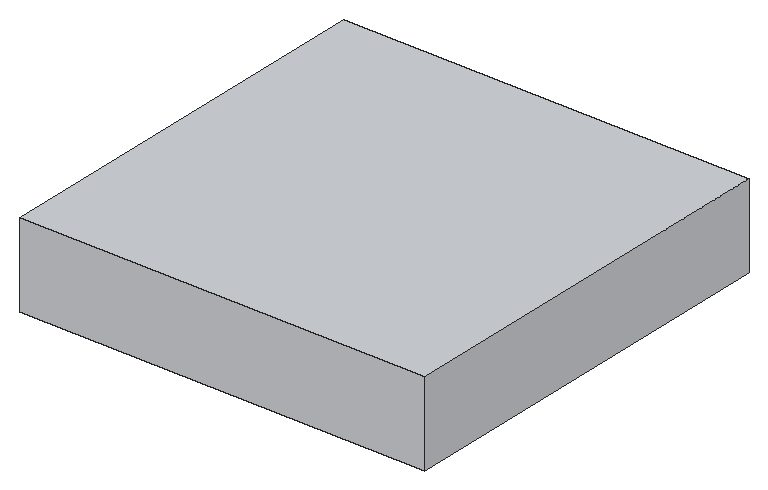
Revit family "Square", category Generic Models, Revit 2018
Family settings
  Can host rebar = No
  Round Connector Dimension = Use Diameter
  Part Type = Normal
  Work Plane-Based = No
  Always vertical = Yes
  Cut with Voids When Loaded = No
  Shared = Yes
  Room Calculation Point = No
Parameters (values of type "Square")
  drofus_occurrence_id [instance] = ""
  drofus_article_id = ""
  Width = 1200 mm
  Project_Code_BLP = ""
  Package_BLP = ""
  Height_AFFL = 0 mm
  Height = 0 mm
  Exclude_From_Schedules = yes
  Equipment_Group_BLP = ""
  Depth = 1200 mm
  AusHFG Item Code = ""
Types (2, lengths in mm): name | Width
  Square | 1200
  Another_Square | 250
Reference planes
  plane 1 "Center (Front/Back)": y = 0
  plane 2: z = 0
  plane 3 "Center (Left/Right)": x = 0
  plane 4: x = -600
  plane 5: y = -600
  plane 6: y = 600
  plane 7: x = 600
Forms (mm)
  Extrusion 1, solid
    sketch origin (0, 0, 0) x (1, 0, 0) y (0, 1, 0)
      loop
        line (-600, 600) -> (-600, -600) -> (600, -600) -> (600, 600) -> (-600, 600)
    from 0 to 250
Dimensions and locks
  equal spacing: plane 4, plane 3 "Center (Left/Right)", plane 7
  "Width": plane 4 to plane 7
  "Depth": plane 6 to plane 5
  equal spacing: plane 5, plane 1 "Center (Front/Back)", plane 6
  aligned and locked: level to plane 2
  aligned and locked: Extrusion 1 sketch curve to plane 6
  aligned and locked: plane 4 to Extrusion 1 sketch curve
  aligned and locked: Extrusion 1 sketch curve to plane 5
  aligned and locked: plane 7 to Extrusion 1 sketch curve
